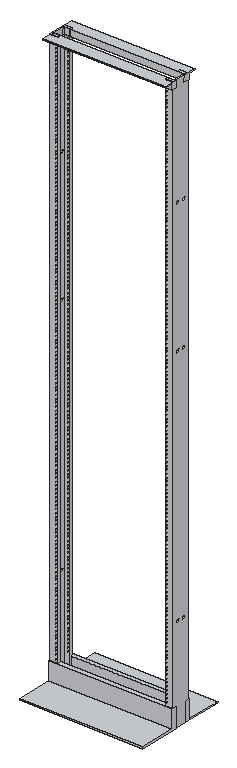
Revit family
Parameters
  Material ID = "760082487"
  Description = "3 in (76 mm) Channel x 8 ft (2438 mm) H - 19 in (482.6 mm) AI Equipment Rack (52U) 12-24 Tapped Rails, Black"
Reference planes (in)
  plane 1 "Center (Front/Back)": y = 0
  plane 2: z = 0
  plane 3 "Center (Left/Right)": x = 0
Forms (in)
  Extrusion 1, solid, not visible
    sketch origin (0, -14.305, 0) x (1, 0, 0) y (0, 0, 1)
      loop
        line (-8.5516, 0.86) -> (-8.5516, 0.46) -> (-7.9516, 0.46) -> (-7.9516, 0.86) -> (-8.5516, 0.86)
    from 0 to 0.77696
  Extrusion 2, solid
    sketch origin (0, 0, -0.75) x (1, 0, 0) y (0, 0, 1)
      loop
        line (-10.155, 48) -> (-10.155, -48) -> (10.155, -48) -> (10.155, 48) -> (0, 48) -> (-10.155, 48)
    from 0 to 3
  Extrusion 3, void
    sketch origin (0, 0, 0) x (1, 0, 0) y (0, 0, 1)
      loop
        line (-8.905, 52.735) -> (-8.905, -50.62) -> (8.905, -50.62) -> (8.905, 52.735) -> (-8.905, 52.735)
    from 0 to 36
  Extrusion 4, solid
    sketch origin (0, 0, 0) x (0, 1, 0) y (0, 0, 1)
      loop
        line (-2.5, -48.75) -> (-2.5, -45.55) -> (-3.2, -45.55) -> (-3.2, -48.55) -> (-9.2, -48.55) -> (-9.2, -48.75) -> (-2.5, -48.75)
      loop
        line (-2.5, 47.25) -> (-4.575, 47.25) -> (-4.575, 47.05) -> (-3.2, 47.05) -> (-3.2, 46.19396) -> (-2.5, 46.19396) -> (-2.5, 47.25)
      loop
        line (-0.65329, 47.25) -> (-0.65329, 46.19396) -> (0.2, 46.19396) -> (0.2, 47.05) -> (1.575, 47.05) -> (1.575, 47.25) -> (-0.65329, 47.25)
      loop
        line (-0.39397, -48.75) -> (6.2, -48.75) -> (6.2, -48.55) -> (0.2, -48.55) -> (0.2, -45.55) -> (-0.39397, -45.55) -> (-0.39397, -48.75)
    from -10.155 to 10.155
  Extrusion 5, void
    sketch origin (0, 0, 0) x (0, 1, 0) y (0, 0, 1)
      loop
        circle (-4.875, -33) r 0.335
      loop
        circle (-6.125, -33) r 0.335
      loop
        circle (-4.875, 7) r 0.335
      loop
        circle (-6.125, 7) r 0.335
      loop
        circle (-4.875, 29) r 0.335
      loop
        circle (-6.125, 29) r 0.335
      loop
        circle (-0.875, -33) r 0.335
      loop
        circle (-2.125, -33) r 0.335
      loop
        circle (-0.875, 7) r 0.335
      loop
        circle (-2.125, 7) r 0.335
      loop
        circle (-0.875, 29) r 0.335
      loop
        circle (-2.125, 29) r 0.335
      loop
        circle (-9.32544, -33) r 0.335
      loop
        circle (-10.57544, -33) r 0.335
      loop
        circle (-9.32544, 7) r 0.335
      loop
        circle (-10.57544, 7) r 0.335
      loop
        circle (-9.32544, 29) r 0.335
      loop
        circle (-10.57544, 29) r 0.335
    from -24.88707 to 25.18322
  Extrusion 6, void
    sketch origin (0, 0, -14) x (1, 0, 0) y (0, 0, 1)
      loop
        circle (-9.175, 52.515) r 0.089
      loop
        circle (-9.175, 51.89) r 0.089
      loop
        circle (-9.175, 51.265) r 0.089
      loop
        circle (9.175, 52.515) r 0.089
      loop
        circle (9.175, 51.89) r 0.089
      loop
        circle (9.175, 51.265) r 0.089
    from 0 to 36
  Extrusion 7, void
    sketch origin (0, 0, -15.75) x (1, 0, 0) y (0, 0, 1)
      loop
        circle (-9.175, 52.515) r 0.089
      loop
        circle (-9.175, 51.89) r 0.089
      loop
        circle (-9.175, 51.265) r 0.089
      loop
        circle (9.175, 52.515) r 0.089
      loop
        circle (9.175, 51.89) r 0.089
      loop
        circle (9.175, 51.265) r 0.089
    from 0 to 36
  Extrusion 8, void
    sketch origin (0, 0, -17.5) x (1, 0, 0) y (0, 0, 1)
      loop
        circle (-9.175, 52.515) r 0.089
      loop
        circle (-9.175, 51.89) r 0.089
      loop
        circle (-9.175, 51.265) r 0.089
      loop
        circle (9.175, 52.515) r 0.089
      loop
        circle (9.175, 51.89) r 0.089
      loop
        circle (9.175, 51.265) r 0.089
    from 0 to 36
  Extrusion 9, void
    sketch origin (0, 0, -19.25) x (1, 0, 0) y (0, 0, 1)
      loop
        circle (-9.175, 52.515) r 0.089
      loop
        circle (-9.175, 51.89) r 0.089
      loop
        circle (-9.175, 51.265) r 0.089
      loop
        circle (9.175, 52.515) r 0.089
      loop
        circle (9.175, 51.89) r 0.089
      loop
        circle (9.175, 51.265) r 0.089
    from 0 to 36
  Extrusion 10, void
    sketch origin (0, 0, -21) x (1, 0, 0) y (0, 0, 1)
      loop
        circle (-9.175, 52.515) r 0.089
      loop
        circle (-9.175, 51.89) r 0.089
      loop
        circle (-9.175, 51.265) r 0.089
      loop
        circle (9.175, 52.515) r 0.089
      loop
        circle (9.175, 51.89) r 0.089
      loop
        circle (9.175, 51.265) r 0.089
    from 0 to 36
  Extrusion 11, void
    sketch origin (0, 0, -22.75) x (1, 0, 0) y (0, 0, 1)
      loop
        circle (-9.175, 52.515) r 0.089
      loop
        circle (-9.175, 51.89) r 0.089
      loop
        circle (-9.175, 51.265) r 0.089
      loop
        circle (9.175, 52.515) r 0.089
      loop
        circle (9.175, 51.89) r 0.089
      loop
        circle (9.175, 51.265) r 0.089
    from 0 to 36
  Extrusion 12, void
    sketch origin (0, 0, -24.5) x (1, 0, 0) y (0, 0, 1)
      loop
        circle (-9.175, 52.515) r 0.089
      loop
        circle (-9.175, 51.89) r 0.089
      loop
        circle (-9.175, 51.265) r 0.089
      loop
        circle (9.175, 52.515) r 0.089
      loop
        circle (9.175, 51.89) r 0.089
      loop
        circle (9.175, 51.265) r 0.089
    from 0 to 36
  Extrusion 13, void
    sketch origin (0, 0, -26.25) x (1, 0, 0) y (0, 0, 1)
      loop
        circle (-9.175, 52.515) r 0.089
      loop
        circle (-9.175, 51.89) r 0.089
      loop
        circle (-9.175, 51.265) r 0.089
      loop
        circle (9.175, 52.515) r 0.089
      loop
        circle (9.175, 51.89) r 0.089
      loop
        circle (9.175, 51.265) r 0.089
    from 0 to 36
  Extrusion 14, void
    sketch origin (0, 0, -28) x (1, 0, 0) y (0, 0, 1)
      loop
        circle (-9.175, 52.515) r 0.089
      loop
        circle (-9.175, 51.89) r 0.089
      loop
        circle (-9.175, 51.265) r 0.089
      loop
        circle (9.175, 52.515) r 0.089
      loop
        circle (9.175, 51.89) r 0.089
      loop
        circle (9.175, 51.265) r 0.089
    from 0 to 36
  Extrusion 15, void
    sketch origin (0, 0, -29.75) x (1, 0, 0) y (0, 0, 1)
      loop
        circle (-9.175, 52.515) r 0.089
      loop
        circle (-9.175, 51.89) r 0.089
      loop
        circle (-9.175, 51.265) r 0.089
      loop
        circle (9.175, 52.515) r 0.089
      loop
        circle (9.175, 51.89) r 0.089
      loop
        circle (9.175, 51.265) r 0.089
    from 0 to 36
  Extrusion 16, void
    sketch origin (0, 0, -31.5) x (1, 0, 0) y (0, 0, 1)
      loop
        circle (-9.175, 52.515) r 0.089
      loop
        circle (-9.175, 51.89) r 0.089
      loop
        circle (-9.175, 51.265) r 0.089
      loop
        circle (9.175, 52.515) r 0.089
      loop
        circle (9.175, 51.89) r 0.089
      loop
        circle (9.175, 51.265) r 0.089
    from 0 to 36
  Extrusion 17, void
    sketch origin (0, 0, -33.25) x (1, 0, 0) y (0, 0, 1)
      loop
        circle (-9.175, 52.515) r 0.089
      loop
        circle (-9.175, 51.89) r 0.089
      loop
        circle (-9.175, 51.265) r 0.089
      loop
        circle (9.175, 52.515) r 0.089
      loop
        circle (9.175, 51.89) r 0.089
      loop
        circle (9.175, 51.265) r 0.089
    from 0 to 36
  Extrusion 18, void
    sketch origin (0, 0, -35) x (1, 0, 0) y (0, 0, 1)
      loop
        circle (-9.175, 52.515) r 0.089
      loop
        circle (-9.175, 51.89) r 0.089
      loop
        circle (-9.175, 51.265) r 0.089
      loop
        circle (9.175, 52.515) r 0.089
      loop
        circle (9.175, 51.89) r 0.089
      loop
        circle (9.175, 51.265) r 0.089
    from 0 to 36
  Extrusion 19, void
    sketch origin (0, 0, -36.75) x (1, 0, 0) y (0, 0, 1)
      loop
        circle (-9.175, 52.515) r 0.089
      loop
        circle (-9.175, 51.89) r 0.089
      loop
        circle (-9.175, 51.265) r 0.089
      loop
        circle (9.175, 52.515) r 0.089
      loop
        circle (9.175, 51.89) r 0.089
      loop
        circle (9.175, 51.265) r 0.089
    from 0 to 36
  Extrusion 20, void
    sketch origin (0, 0, -38.5) x (1, 0, 0) y (0, 0, 1)
      loop
        circle (-9.175, 52.515) r 0.089
      loop
        circle (-9.175, 51.89) r 0.089
      loop
        circle (-9.175, 51.265) r 0.089
      loop
        circle (9.175, 52.515) r 0.089
      loop
        circle (9.175, 51.89) r 0.089
      loop
        circle (9.175, 51.265) r 0.089
    from 0 to 36
  Extrusion 21, void
    sketch origin (0, 0, -40.25) x (1, 0, 0) y (0, 0, 1)
      loop
        circle (-9.175, 52.515) r 0.089
      loop
        circle (-9.175, 51.89) r 0.089
      loop
        circle (-9.175, 51.265) r 0.089
      loop
        circle (9.175, 52.515) r 0.089
      loop
        circle (9.175, 51.89) r 0.089
      loop
        circle (9.175, 51.265) r 0.089
    from 0 to 36
  Extrusion 22, void
    sketch origin (0, 0, -42) x (1, 0, 0) y (0, 0, 1)
      loop
        circle (-9.175, 52.515) r 0.089
      loop
        circle (-9.175, 51.89) r 0.089
      loop
        circle (-9.175, 51.265) r 0.089
      loop
        circle (9.175, 52.515) r 0.089
      loop
        circle (9.175, 51.89) r 0.089
      loop
        circle (9.175, 51.265) r 0.089
    from 0 to 36
  Extrusion 23, void
    sketch origin (0, 0, -43.75) x (1, 0, 0) y (0, 0, 1)
      loop
        circle (-9.175, 52.515) r 0.089
      loop
        circle (-9.175, 51.89) r 0.089
      loop
        circle (-9.175, 51.265) r 0.089
      loop
        circle (9.175, 52.515) r 0.089
      loop
        circle (9.175, 51.89) r 0.089
      loop
        circle (9.175, 51.265) r 0.089
    from 0 to 36
  Extrusion 24, void
    sketch origin (0, 0, -45.5) x (1, 0, 0) y (0, 0, 1)
      loop
        circle (-9.175, 52.515) r 0.089
      loop
        circle (-9.175, 51.89) r 0.089
      loop
        circle (-9.175, 51.265) r 0.089
      loop
        circle (9.175, 52.515) r 0.089
      loop
        circle (9.175, 51.89) r 0.089
      loop
        circle (9.175, 51.265) r 0.089
    from 0 to 36
  Extrusion 25, void
    sketch origin (0, 0, -47.25) x (1, 0, 0) y (0, 0, 1)
      loop
        circle (-9.175, 52.515) r 0.089
      loop
        circle (-9.175, 51.89) r 0.089
      loop
        circle (-9.175, 51.265) r 0.089
      loop
        circle (9.175, 52.515) r 0.089
      loop
        circle (9.175, 51.89) r 0.089
      loop
        circle (9.175, 51.265) r 0.089
    from 0 to 36
  Extrusion 26, void
    sketch origin (0, 0, -49) x (1, 0, 0) y (0, 0, 1)
      loop
        circle (-9.175, 52.515) r 0.089
      loop
        circle (-9.175, 51.89) r 0.089
      loop
        circle (-9.175, 51.265) r 0.089
      loop
        circle (9.175, 52.515) r 0.089
      loop
        circle (9.175, 51.89) r 0.089
      loop
        circle (9.175, 51.265) r 0.089
    from 0 to 36
  Extrusion 27, void
    sketch origin (0, 0, -50.75) x (1, 0, 0) y (0, 0, 1)
      loop
        circle (-9.175, 52.515) r 0.089
      loop
        circle (-9.175, 51.89) r 0.089
      loop
        circle (-9.175, 51.265) r 0.089
      loop
        circle (9.175, 52.515) r 0.089
      loop
        circle (9.175, 51.89) r 0.089
      loop
        circle (9.175, 51.265) r 0.089
    from 0 to 36
  Extrusion 28, void
    sketch origin (0, 0, -52.5) x (1, 0, 0) y (0, 0, 1)
      loop
        circle (-9.175, 52.515) r 0.089
      loop
        circle (-9.175, 51.89) r 0.089
      loop
        circle (-9.175, 51.265) r 0.089
      loop
        circle (9.175, 52.515) r 0.089
      loop
        circle (9.175, 51.89) r 0.089
      loop
        circle (9.175, 51.265) r 0.089
    from 0 to 36
  Extrusion 29, void
    sketch origin (0, 0, -54.25) x (1, 0, 0) y (0, 0, 1)
      loop
        circle (-9.175, 52.515) r 0.089
      loop
        circle (-9.175, 51.89) r 0.089
      loop
        circle (-9.175, 51.265) r 0.089
      loop
        circle (9.175, 52.515) r 0.089
      loop
        circle (9.175, 51.89) r 0.089
      loop
        circle (9.175, 51.265) r 0.089
    from 0 to 36
  Extrusion 30, void
    sketch origin (0, 0, -56) x (1, 0, 0) y (0, 0, 1)
      loop
        circle (-9.175, 52.515) r 0.089
      loop
        circle (-9.175, 51.89) r 0.089
      loop
        circle (-9.175, 51.265) r 0.089
      loop
        circle (9.175, 52.515) r 0.089
      loop
        circle (9.175, 51.89) r 0.089
      loop
        circle (9.175, 51.265) r 0.089
    from 0 to 36
  Extrusion 31, void
    sketch origin (0, 0, -57.75) x (1, 0, 0) y (0, 0, 1)
      loop
        circle (-9.175, 52.515) r 0.089
      loop
        circle (-9.175, 51.89) r 0.089
      loop
        circle (-9.175, 51.265) r 0.089
      loop
        circle (9.175, 52.515) r 0.089
      loop
        circle (9.175, 51.89) r 0.089
      loop
        circle (9.175, 51.265) r 0.089
    from 0 to 36
  Extrusion 32, void
    sketch origin (0, 0, -59.5) x (1, 0, 0) y (0, 0, 1)
      loop
        circle (-9.175, 52.515) r 0.089
      loop
        circle (-9.175, 51.89) r 0.089
      loop
        circle (-9.175, 51.265) r 0.089
      loop
        circle (9.175, 52.515) r 0.089
      loop
        circle (9.175, 51.89) r 0.089
      loop
        circle (9.175, 51.265) r 0.089
    from 0 to 36
  Extrusion 33, void
    sketch origin (0, 0, -61.25) x (1, 0, 0) y (0, 0, 1)
      loop
        circle (-9.175, 52.515) r 0.089
      loop
        circle (-9.175, 51.89) r 0.089
      loop
        circle (-9.175, 51.265) r 0.089
      loop
        circle (9.175, 52.515) r 0.089
      loop
        circle (9.175, 51.89) r 0.089
      loop
        circle (9.175, 51.265) r 0.089
    from 0 to 36
  Extrusion 34, void
    sketch origin (0, 0, -63) x (1, 0, 0) y (0, 0, 1)
      loop
        circle (-9.175, 52.515) r 0.089
      loop
        circle (-9.175, 51.89) r 0.089
      loop
        circle (-9.175, 51.265) r 0.089
      loop
        circle (9.175, 52.515) r 0.089
      loop
        circle (9.175, 51.89) r 0.089
      loop
        circle (9.175, 51.265) r 0.089
    from 0 to 36
  Extrusion 35, void
    sketch origin (0, 0, -64.75) x (1, 0, 0) y (0, 0, 1)
      loop
        circle (-9.175, 52.515) r 0.089
      loop
        circle (-9.175, 51.89) r 0.089
      loop
        circle (-9.175, 51.265) r 0.089
      loop
        circle (9.175, 52.515) r 0.089
      loop
        circle (9.175, 51.89) r 0.089
      loop
        circle (9.175, 51.265) r 0.089
    from 0 to 36
  Extrusion 36, void
    sketch origin (0, 0, -66.5) x (1, 0, 0) y (0, 0, 1)
      loop
        circle (-9.175, 52.515) r 0.089
      loop
        circle (-9.175, 51.89) r 0.089
      loop
        circle (-9.175, 51.265) r 0.089
      loop
        circle (9.175, 52.515) r 0.089
      loop
        circle (9.175, 51.89) r 0.089
      loop
        circle (9.175, 51.265) r 0.089
    from 0 to 36
  Extrusion 37, void
    sketch origin (0, 0, -68.25) x (1, 0, 0) y (0, 0, 1)
      loop
        circle (-9.175, 52.515) r 0.089
      loop
        circle (-9.175, 51.89) r 0.089
      loop
        circle (-9.175, 51.265) r 0.089
      loop
        circle (9.175, 52.515) r 0.089
      loop
        circle (9.175, 51.89) r 0.089
      loop
        circle (9.175, 51.265) r 0.089
    from 0 to 36
  Extrusion 38, void
    sketch origin (0, 0, -70) x (1, 0, 0) y (0, 0, 1)
      loop
        circle (-9.175, 52.515) r 0.089
      loop
        circle (-9.175, 51.89) r 0.089
      loop
        circle (-9.175, 51.265) r 0.089
      loop
        circle (9.175, 52.515) r 0.089
      loop
        circle (9.175, 51.89) r 0.089
      loop
        circle (9.175, 51.265) r 0.089
    from 0 to 36
  Extrusion 39, void
    sketch origin (0, 0, -71.75) x (1, 0, 0) y (0, 0, 1)
      loop
        circle (-9.175, 52.515) r 0.089
      loop
        circle (-9.175, 51.89) r 0.089
      loop
        circle (-9.175, 51.265) r 0.089
      loop
        circle (9.175, 52.515) r 0.089
      loop
        circle (9.175, 51.89) r 0.089
      loop
        circle (9.175, 51.265) r 0.089
    from 0 to 36
  Extrusion 40, void
    sketch origin (0, 0, -73.5) x (1, 0, 0) y (0, 0, 1)
      loop
        circle (-9.175, 52.515) r 0.089
      loop
        circle (-9.175, 51.89) r 0.089
      loop
        circle (-9.175, 51.265) r 0.089
      loop
        circle (9.175, 52.515) r 0.089
      loop
        circle (9.175, 51.89) r 0.089
      loop
        circle (9.175, 51.265) r 0.089
    from 0 to 36
  Extrusion 41, void
    sketch origin (0, 0, -75.25) x (1, 0, 0) y (0, 0, 1)
      loop
        circle (-9.175, 52.515) r 0.089
      loop
        circle (-9.175, 51.89) r 0.089
      loop
        circle (-9.175, 51.265) r 0.089
      loop
        circle (9.175, 52.515) r 0.089
      loop
        circle (9.175, 51.89) r 0.089
      loop
        circle (9.175, 51.265) r 0.089
    from 0 to 36
  Extrusion 42, void
    sketch origin (0, 0, -77) x (1, 0, 0) y (0, 0, 1)
      loop
        circle (-9.175, 52.515) r 0.089
      loop
        circle (-9.175, 51.89) r 0.089
      loop
        circle (-9.175, 51.265) r 0.089
      loop
        circle (9.175, 52.515) r 0.089
      loop
        circle (9.175, 51.89) r 0.089
      loop
        circle (9.175, 51.265) r 0.089
    from 0 to 36
  Extrusion 43, void
    sketch origin (0, 0, -78.75) x (1, 0, 0) y (0, 0, 1)
      loop
        circle (-9.175, 52.515) r 0.089
      loop
        circle (-9.175, 51.89) r 0.089
      loop
        circle (-9.175, 51.265) r 0.089
      loop
        circle (9.175, 52.515) r 0.089
      loop
        circle (9.175, 51.89) r 0.089
      loop
        circle (9.175, 51.265) r 0.089
    from 0 to 36
  Extrusion 44, void
    sketch origin (0, 0, -80.5) x (1, 0, 0) y (0, 0, 1)
      loop
        circle (-9.175, 52.515) r 0.089
      loop
        circle (-9.175, 51.89) r 0.089
      loop
        circle (-9.175, 51.265) r 0.089
      loop
        circle (9.175, 52.515) r 0.089
      loop
        circle (9.175, 51.89) r 0.089
      loop
        circle (9.175, 51.265) r 0.089
    from 0 to 36
  Extrusion 45, void
    sketch origin (0, 0, -82.25) x (1, 0, 0) y (0, 0, 1)
      loop
        circle (-9.175, 52.515) r 0.089
      loop
        circle (-9.175, 51.89) r 0.089
      loop
        circle (-9.175, 51.265) r 0.089
      loop
        circle (9.175, 52.515) r 0.089
      loop
        circle (9.175, 51.89) r 0.089
      loop
        circle (9.175, 51.265) r 0.089
    from 0 to 36
  Extrusion 46, void
    sketch origin (0, 0, -84) x (1, 0, 0) y (0, 0, 1)
      loop
        circle (-9.175, 52.515) r 0.089
      loop
        circle (-9.175, 51.89) r 0.089
      loop
        circle (-9.175, 51.265) r 0.089
      loop
        circle (9.175, 52.515) r 0.089
      loop
        circle (9.175, 51.89) r 0.089
      loop
        circle (9.175, 51.265) r 0.089
    from 0 to 36
  Extrusion 47, void
    sketch origin (0, 0, -85.75) x (1, 0, 0) y (0, 0, 1)
      loop
        circle (-9.175, 52.515) r 0.089
      loop
        circle (-9.175, 51.89) r 0.089
      loop
        circle (-9.175, 51.265) r 0.089
      loop
        circle (9.175, 52.515) r 0.089
      loop
        circle (9.175, 51.89) r 0.089
      loop
        circle (9.175, 51.265) r 0.089
    from 0 to 36
  Extrusion 48, void
    sketch origin (0, 0, -87.5) x (1, 0, 0) y (0, 0, 1)
      loop
        circle (-9.175, 52.515) r 0.089
      loop
        circle (-9.175, 51.89) r 0.089
      loop
        circle (-9.175, 51.265) r 0.089
      loop
        circle (9.175, 52.515) r 0.089
      loop
        circle (9.175, 51.89) r 0.089
      loop
        circle (9.175, 51.265) r 0.089
    from 0 to 36
  Extrusion 49, void
    sketch origin (0, 0, -89.25) x (1, 0, 0) y (0, 0, 1)
      loop
        circle (-9.175, 52.515) r 0.089
      loop
        circle (-9.175, 51.89) r 0.089
      loop
        circle (-9.175, 51.265) r 0.089
      loop
        circle (9.175, 52.515) r 0.089
      loop
        circle (9.175, 51.89) r 0.089
      loop
        circle (9.175, 51.265) r 0.089
    from 0 to 36
  Extrusion 50, void
    sketch origin (0, 0, -91) x (1, 0, 0) y (0, 0, 1)
      loop
        circle (-9.175, 52.515) r 0.089
      loop
        circle (-9.175, 51.89) r 0.089
      loop
        circle (-9.175, 51.265) r 0.089
      loop
        circle (9.175, 52.515) r 0.089
      loop
        circle (9.175, 51.89) r 0.089
      loop
        circle (9.175, 51.265) r 0.089
    from 0 to 36
  Extrusion 51, void
    sketch origin (0, 0, -94.5) x (1, 0, 0) y (0, 0, 1)
      loop
        circle (-9.175, 52.515) r 0.089
      loop
        circle (-9.175, 51.89) r 0.089
      loop
        circle (-9.175, 51.265) r 0.089
      loop
        circle (9.175, 52.515) r 0.089
      loop
        circle (9.175, 51.89) r 0.089
      loop
        circle (9.175, 51.265) r 0.089
    from 0 to 12
  Extrusion 52, void
    sketch origin (0, 0, -96.25) x (1, 0, 0) y (0, 0, 1)
      loop
        circle (-9.175, 52.515) r 0.089
      loop
        circle (-9.175, 51.89) r 0.089
      loop
        circle (-9.175, 51.265) r 0.089
      loop
        circle (9.175, 52.515) r 0.089
      loop
        circle (9.175, 51.89) r 0.089
      loop
        circle (9.175, 51.265) r 0.089
    from 0 to 12
  Extrusion 53, void
    sketch origin (0, -3, 47.25) x (1, 0, 0) y (0, -1, 0)
      loop
        line (-9.92376, -2.5) -> (9.88674, -2.5) -> (9.88674, -0.5) -> (-9.92376, -0.5) -> (-9.92376, -2.5)
    from 0 to 103.50785
  Extrusion 54, void
    sketch origin (0, 0, -12.25) x (1, 0, 0) y (0, 0, 1)
      loop
        circle (-9.175, 52.515) r 0.089
      loop
        circle (-9.175, 51.89) r 0.089
      loop
        circle (-9.175, 51.265) r 0.089
      loop
        circle (9.175, 52.515) r 0.089
      loop
        circle (9.175, 51.89) r 0.089
      loop
        circle (9.175, 51.265) r 0.089
    from 0 to 36
  Extrusion 55, void
    sketch origin (0, 0, -10.5) x (1, 0, 0) y (0, 0, 1)
      loop
        circle (-9.175, 52.515) r 0.089
      loop
        circle (-9.175, 51.89) r 0.089
      loop
        circle (-9.175, 51.265) r 0.089
      loop
        circle (9.175, 52.515) r 0.089
      loop
        circle (9.175, 51.89) r 0.089
      loop
        circle (9.175, 51.265) r 0.089
    from 0 to 36
  Extrusion 56, void
    sketch origin (0, 0, -8.75) x (1, 0, 0) y (0, 0, 1)
      loop
        circle (-9.175, 52.515) r 0.089
      loop
        circle (-9.175, 51.89) r 0.089
      loop
        circle (-9.175, 51.265) r 0.089
      loop
        circle (9.175, 52.515) r 0.089
      loop
        circle (9.175, 51.89) r 0.089
      loop
        circle (9.175, 51.265) r 0.089
    from 0 to 36
  Extrusion 57, void
    sketch origin (0, 0, -92.75) x (1, 0, 0) y (0, 0, 1)
      loop
        circle (-9.175, 52.515) r 0.089
      loop
        circle (-9.175, 51.89) r 0.089
      loop
        circle (-9.175, 51.265) r 0.089
      loop
        circle (9.175, 52.515) r 0.089
      loop
        circle (9.175, 51.89) r 0.089
      loop
        circle (9.175, 51.265) r 0.089
    from 0 to 36
  Extrusion 58, void
    sketch origin (0, 0, -7) x (1, 0, 0) y (0, 0, 1)
      loop
        circle (-9.175, 52.515) r 0.089
      loop
        circle (-9.175, 51.89) r 0.089
      loop
        circle (-9.175, 51.265) r 0.089
      loop
        circle (9.175, 52.515) r 0.089
      loop
        circle (9.175, 51.89) r 0.089
      loop
        circle (9.175, 51.265) r 0.089
    from 0 to 36
Cuts and joins
  Extrusion 3, Extrusion 5, Extrusion 6, Extrusion 7, Extrusion 8, Extrusion 9, Extrusion 10, Extrusion 11, Extrusion 12, Extrusion 13, Extrusion 14, Extrusion 15, Extrusion 16, Extrusion 17, Extrusion 18, Extrusion 19, Extrusion 20, Extrusion 21, Extrusion 22, Extrusion 23, Extrusion 24, Extrusion 25, Extrusion 26, Extrusion 27, Extrusion 28, Extrusion 29, Extrusion 30, Extrusion 31, Extrusion 32, Extrusion 33, Extrusion 34, Extrusion 35, Extrusion 36, Extrusion 37, Extrusion 38, Extrusion 39, Extrusion 40, Extrusion 41, Extrusion 42, Extrusion 43, Extrusion 44, Extrusion 45, Extrusion 46, Extrusion 47, Extrusion 48, Extrusion 49, Extrusion 50, Extrusion 51, Extrusion 52, Extrusion 53, Extrusion 54, Extrusion 55, Extrusion 56, Extrusion 57, Extrusion 58 cuts Extrusion 2
  Extrusion 5, Extrusion 6, Extrusion 7, Extrusion 8, Extrusion 9, Extrusion 10, Extrusion 11, Extrusion 12, Extrusion 13, Extrusion 14, Extrusion 15, Extrusion 16, Extrusion 17, Extrusion 18, Extrusion 19, Extrusion 20, Extrusion 21, Extrusion 22, Extrusion 23, Extrusion 24, Extrusion 25, Extrusion 26, Extrusion 27, Extrusion 28, Extrusion 29, Extrusion 30, Extrusion 31, Extrusion 32, Extrusion 33, Extrusion 34, Extrusion 35, Extrusion 36, Extrusion 37, Extrusion 38, Extrusion 39, Extrusion 40, Extrusion 41, Extrusion 42, Extrusion 43, Extrusion 44, Extrusion 45, Extrusion 46, Extrusion 47, Extrusion 48, Extrusion 49, Extrusion 50, Extrusion 51, Extrusion 52, Extrusion 53, Extrusion 54, Extrusion 55, Extrusion 56, Extrusion 57, Extrusion 58 cuts Extrusion 4
